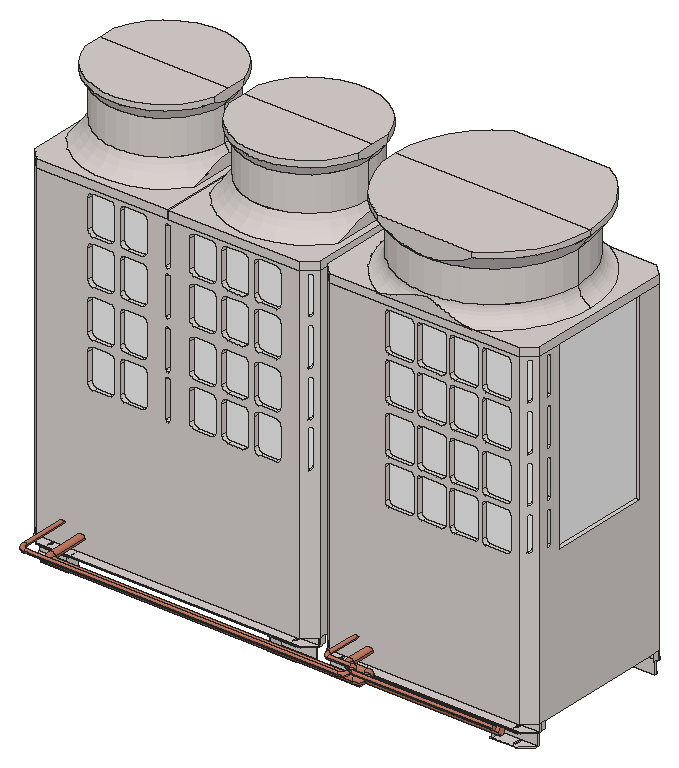
Revit family "PUHY-P650YSNW-A1", category 機械設備, Revit 2016
Family settings
  パーツ タイプ = 標準
  丸型コネクタ寸法 = 半径を使用
  OmniClass 番号 = 23.75.00.00
  OmniClass タイトル = Climate Control (HVAC)
  作業面に基づく = いいえ
  常に垂直 = はい
  ロード時にボイドで切り取り = いいえ
  共有 = いいえ
  部屋の計算ポイント = いいえ
Parameters (values of type "PUHY-P650YSNW-A1_415V_60Hz")
  モデル = "PUHY-P650YSNW-A1"
  Width = 2190.000 mm
  WarrantyStart = ""
  Voltage = 415 V
  Unit Weight (kg) = 490
  URL = "http://www.mitsubishielectric.com/"
  Temp. range of heating (Outdoor temp.) (W.B.) = "-20.0 to 15.5"
  Temp. range of heating (Indoor temp.) (D.B.) = "15.0 to 27.0"
  Temp. range of cooling (Outdoor temp.) (D.B.) = "-5.0 to 52.0"
  Temp. range of cooling (Indoor temp.) (W.B.) = "15.0 to 24.0"
  TagNumber = 0
  Subcategory = "HVAC"
  Space View = yes
  Sound Pressure Level (dB(A)) Heating mode = 68
  Sound Pressure Level (dB(A)) Cooling mode = 66.5
  SerialNumber = 0
  ReplacementYear = ""
  Refrigerant type = "R410A"
  Refrigerant Charge (kg) = 16.3
  Protection Devices_Inverter circuit (COMP./FAN) = "Over-current protection"
  Protection Devices_High pressure (MPa) = "High pressure sensor, High pressure switch at 4.15"
  Phase = 3
  製造元 = "Mitsubishi Electric Corporation"
  Outdoor unit 2 Breaker size (A) = 30
  Outdoor unit 2 = PUHY-P250YNW-A1 : PUHY-P250YNW-A1
  Outdoor unit 1 Breaker size (A) = 60
  Outdoor unit 1 = PUHY-P400YNW-A1 : PUHY-P400YNW-A1
  Note_1 = "Refrigerant pipe diameters may change depending on the installation condition. Please refer to the installation manual."
  Maximum Circuit Ampacity (A) = 49.7
  Liquid pipe_radius = 7.940 mm
  InstallationDate = ""
  Indoor Unit Total Capacity = "50 to 130% of outdoor unit capacity"
  Indoor Unit Model/Quantity = "P10 to P250/2 to 50"
  Hertz = 60 Hz
  Height = 1858.000 mm
  Heating SCOP (kW/kW) = 4.04
  Heating Rated Load Ampacity (A) = 31.1
  Heating Power Input (kW) = 20.17
  Heating Power Input (Nominal) (kW) = 16.97
  Heating Current Input (Nominal) (A) = 26.2
  Heating Current Input (A) = 31.1
  Heating Capacity (kW) = 81.5
  Heating Capacity (Nominal) (kW) = 73
  Heating COP (kW/kW) = 4.04
  Heating COP (Nominal) (kW/kW) = 4.3
  Gas pipe_radius = 14.290 mm
  Fan_Type = "Propeller Fan"
  Fan_Quantity = 3
  Fan Motor Output (kW) = 1.84
  External static pressure (Pa) = 0
  External Finish = "Pre-coated galvanized steel sheets (+powder coating for -BS type) <MUNSELL 3Y 7.8/1.1 or similar>"
  Equip_description = ""
  Equip_No. = 0
  Equip_ID = ""
  Description = ""
  Depth = 740.000 mm
  CreatedOn = ""
  CreatedBy = ""
  Cooling SEER (kW/kW) = 6.5
  Cooling Rated Load Ampacity (A) = 33.6
  Cooling Power Input (kW) = 21.79
  Cooling EER (kW/kW) = 3.35
  Cooling Current Input (A) = 33.6
  Cooling Capacity (kW) = 73
  Compressor_Type = "Inverter scroll hermetic compressor"
  Compressor_Quantity = 2
  Compressor_Lubricant = "MEL32"
  Compressor Motor Output (kW) = 16.7
  Category = ""
  Barcode = ""
  AssetIdentifier = ""
  Airflow Rate (m3/min) = 485
  Airflow Rate (m3/h) = 29100
Reference planes
  plane 1 "Center (Front/Back)": y = 0
  plane 2: z = 0
  plane 3: y = 370
  plane 4 "front": y = -370
  plane 5: x = -1255
  plane 6: x = 935
  plane 7: x = 15
  plane 8: x = -15
  plane 9: z = 1858
  plane 10: x = -160
Forms (mm)
  Sweep 1, solid, material "Copper"
    path origin (1017.215, -4.248, 187) x (0, -1, 0) y (1, 0, 0)
      loop
        line (360, -2112.386) -> (570, -2112.386)
        arc (570, -2112.386) -> (591.213, -2103.6) -> (600, -2082.386) r 30
        line (600, -2082.386) -> (600, -725.507)
        arc (600, -725.507) -> (594.142, -711.365) -> (580, -705.507) r 20
        line (580, -705.507) -> (552.385, -705.507)
        arc (552.385, -705.507) -> (538.243, -711.365) -> (532.385, -725.507) r 20
        line (532.385, -725.507) -> (532.385, -821.501)
        arc (532.385, -821.501) -> (526.527, -835.643) -> (512.385, -841.501) r 20
        line (512.385, -841.501) -> (357.385, -841.501)
    profile origin (-1095.172, -469.248, 187) x (1, 0, 0) y (0, 0, 1)
      loop
        circle (0, 0) r 7.94
  Sweep 2, solid, material "Copper"
    path origin (1039.386, -4.248, 155) x (0, -1, 0) y (1, 0, 0)
      loop
        line (360, -2053) -> (525, -2053)
        arc (525, -2053) -> (546.213, -2044.213) -> (555, -2023) r 30
        line (555, -2023) -> (555, -800.253) -> (555, -715.253)
        arc (555, -715.253) -> (549.142, -701.111) -> (535, -695.253) r 20
        line (535, -695.253) -> (510, -695.253)
        arc (510, -695.253) -> (495.858, -701.111) -> (490, -715.253) r 20
        line (490, -715.253) -> (490, -786.253)
        arc (490, -786.253) -> (484.142, -800.395) -> (470, -806.253) r 20
        line (470, -806.253) -> (360, -806.253)
    profile origin (-1013.614, -446.748, 155) x (1, 0, 0) y (0, 0, 1)
      loop
        circle (0, 0) r 14.29
  Sweep 3, solid, material "Copper"
    path origin (934.386, -4.248, 187) x (0, -1, 0) y (1, 0, 0)
      loop
        line (565.96, -620) -> (565.96, 0.614)
    profile origin (624.693, -570.208, 187) x (0, 1, 0) y (0, 0, 1)
      loop
        circle (0, 0) r 7.94
  Sweep 4, solid, material "Copper"
    path origin (934.386, -4.248, 155.027) x (-1, 0, 0) y (0, -1, 0)
      loop
        line (585, 523.84) -> (0, 523.84)
    profile origin (641.886, -528.088, 155.027) x (0, 1, 0) y (0, 0, 1)
      loop
        circle (0, 0) r 14.29
Dimensions and locks
  nested 2 to nested 1 to plane 6 = 30.000 mm, 920.000 mm
  nested 2 to nested 2 = 1240.000 mm
  "Liquid pipe_radius": radius of Sweep 3 sketch curve
  "Gas pipe_radius": radius of Sweep 4 sketch curve
  aligned and locked: level to plane 2
Automatic sketch dimensions
  Sweep 1 sketch curve to plane 4 "front" = 8.366 mm
  Sweep 1 sketch curve to plane 4 "front" = 5.752 mm
  plane 4 "front" to Sweep 1 sketch curve = 146.634 mm
  Sweep 1 sketch curve to Sweep 1 sketch curve = 20.000 mm  (x2)
  plane 4 "front" to Sweep 1 sketch curve = 204.248 mm
  Sweep 1 sketch curve to Sweep 1 sketch curve = 27.615 mm
  Sweep 1 sketch curve to Sweep 1 sketch curve = 30.000 mm
  plane 5 to Sweep 1 sketch curve = 159.828 mm
  Sweep 1 sketch curve to Sweep 1 sketch curve = 95.994 mm
  profile plane to Sweep 1 sketch curve = 0.000 mm
  Sweep 1 sketch curve to profile plane = 0.000 mm
  Sweep 2 sketch curve to plane 4 "front" = 5.752 mm  (x2)
  plane 4 "front" to Sweep 2 sketch curve = 104.248 mm
  Sweep 2 sketch curve to Sweep 2 sketch curve = 20.000 mm  (x3)
  plane 4 "front" to Sweep 2 sketch curve = 159.248 mm
  Sweep 2 sketch curve to Sweep 2 sketch curve = 25.000 mm
  plane 5 to Sweep 2 sketch curve = 241.386 mm
  Sweep 2 sketch curve to Sweep 2 sketch curve = 6.000 mm
  Sweep 2 sketch curve to Sweep 2 sketch curve = 71.000 mm
  profile plane to Sweep 2 sketch curve = 0.000 mm
  Sweep 2 sketch curve to profile plane = 0.000 mm
  Sweep 3 sketch curve to plane 6 = 0.000 mm
  plane 4 "front" to Sweep 3 sketch curve = 200.208 mm
  plane 7 to Sweep 3 sketch curve = 299.386 mm
  Sweep 4 sketch curve to plane 6 = 0.614 mm
  plane 4 "front" to Sweep 4 sketch curve = 158.088 mm
  plane 7 to Sweep 4 sketch curve = 334.386 mm
  Sweep 3 sketch curve to profile plane = 0.000 mm  (x2)
  Sweep 4 sketch curve to profile plane = 0.000 mm  (x2)
  plane 7 to Sweep 1 sketch curve = 160.714 mm
  plane 7 to Sweep 2 sketch curve = 218.134 mm
  radius of Sweep 1 sketch curve = 7.940 mm
  radius of Sweep 2 sketch curve = 14.290 mm
Nested families
  nested 1: "PUHY-P250YNW-A1" at (475, 0, 0), type <- "Outdoor unit 2", type "PUHY-P250YNW-A1"
  nested 2: "PUHY-P400YNW-A1" at (-635, 0, 0), type <- "Outdoor unit 1", type "PUHY-P400YNW-A1"
Connectors
  piping at (934.386, -528.088, 155.027), diameter 28.58, driven by "Gas pipe_radius"
    settings: on Sweep 4, index 1, connector inside diameter 28.58 mm, connector length 0.000 mm, flow factor 0, pipe flow 0.0 L/s, pressure drop 0.0 Pa, fitting loss kfactor 0, connector angle 0.00°, fixture units 0, engagement length 0.000 mm, angle of deflection 0.00°, flow configuration 0, flow direction 0, fitting loss method 0, system type 22, joint type 0, gender type 0, connector reference index -1, connector utility 0, adjustable connector no, is connector primary yes, connector description "Indoor unit-Twinning pipe(Gas)"
  piping at (935, -570.208, 187), diameter 15.88, driven by "Liquid pipe_radius"
    settings: on Sweep 3, index 2, connector inside diameter 15.88 mm, connector length 0.000 mm, flow factor 0, pipe flow 0.0 L/s, pressure drop 0.0 Pa, fitting loss kfactor 0, connector angle 0.00°, fixture units 0, engagement length 0.000 mm, angle of deflection 0.00°, flow configuration 0, flow direction 0, fitting loss method 0, system type 22, joint type 0, gender type 0, connector reference index -1, connector utility 0, adjustable connector no, is connector primary no, connector description "Indoor unit-Twinning pipe(Liquid)"
  electrical at (319, -370, 280), driven by "Phase", driven by "Voltage"
    settings: index 4, voltage 415 V, apparent load 0 VA, apparent load phase1 0 VA, apparent load phase2 0 VA, apparent load phase3 0 VA, power factor 1, load classification "HVAC", number of poles 3, system type 30, power factor state 1, is connector primary yes, connector utility no, sub classification motor no, connector description ""
  electrical at (-633, -370, 280), driven by "Phase", driven by "Voltage"
    settings: index 5, voltage 415 V, apparent load 0 VA, apparent load phase1 0 VA, apparent load phase2 0 VA, apparent load phase3 0 VA, power factor 1, load classification "HVAC", number of poles 3, system type 30, power factor state 1, is connector primary no, connector utility no, sub classification motor no, connector description ""
Definition of nested family "PUHY-P250YNW-A1"
  Parameters
    Model = "PUHY-P200YNW-A"
    URL = "http://www.mitsubishielectric.com/"
    Manufacturer = "Mitsubishi Electric Corporation"
    Liquid pipe_radius = 4.760 mm
    Gas pipe_radius = 11.100 mm
  Reference planes
    plane 1 "Center (Front/Back)": y = 0
    plane 2: z = 0
    plane 3 "Center (Left/Right)": x = 0
    plane 4 "11": through (-415, 370, 1200) normal (0.7071, -0.7071, 0)
    plane 5 "22": through (-415, -370, 1200) normal (-0.7071, -0.7071, 0)
    plane 6 "44": through (460, 325, 1200) normal (-0.7071, -0.7071, 0)
    plane 7 "33": through (460, -325, 1200) normal (0.7071, -0.7071, 0)
    plane 8: z = 754.5
    plane 9: z = 909.5
    plane 10: x = -300
    plane 11: x = -217
    plane 12: y = 370
    plane 13: y = -370
    plane 14: x = -460
    plane 15: x = 460
  Forms (mm)
    Extrusion 1, solid
      sketch origin (0, 0, 113) x (-1, 0, 0) y (0, -1, 0)
        loop
          line (410, -370) -> (460, -320) -> (460, 320) -> (410, 370) -> (-410, 370) -> (-460, 320) -> (-460, -320) -> (-410, -370) -> (410, -370)
      from -18 to 1408
    Extrusion 2, void
      sketch origin (410, -370, 113) x (1, 0, 0) y (0, 0, -1)
        loop
          arc (-55, -1393.5) -> (-40.858, -1387.642) -> (-35, -1373.5) r 20
          line (-35, -1373.5) -> (-35, -1238.676)
          arc (-35, -1238.676) -> (-40.858, -1224.534) -> (-55, -1218.676) r 20
          line (-55, -1218.676) -> (-139.8, -1218.676)
          arc (-139.8, -1218.676) -> (-153.942, -1224.534) -> (-159.8, -1238.676) r 20
          line (-159.8, -1238.676) -> (-159.8, -1373.5)
          arc (-159.8, -1373.5) -> (-153.942, -1387.642) -> (-139.8, -1393.5) r 20
          line (-139.8, -1393.5) -> (-55, -1393.5)
      from 0 to 20
    Extrusion 3, void
      sketch origin (270, -370, 113) x (1, 0, 0) y (0, 0, -1)
        loop
          arc (-55, -1393.5) -> (-40.858, -1387.642) -> (-35, -1373.5) r 20
          line (-35, -1373.5) -> (-35, -1238.676)
          arc (-35, -1238.676) -> (-40.858, -1224.534) -> (-55, -1218.676) r 20
          line (-55, -1218.676) -> (-139.8, -1218.676)
          arc (-139.8, -1218.676) -> (-153.942, -1224.534) -> (-159.8, -1238.676) r 20
          line (-159.8, -1238.676) -> (-159.8, -1373.5)
          arc (-159.8, -1373.5) -> (-153.942, -1387.642) -> (-139.8, -1393.5) r 20
          line (-139.8, -1393.5) -> (-55, -1393.5)
      from 0 to 20
    Extrusion 4, void
      sketch origin (130, -370, 113) x (1, 0, 0) y (0, 0, -1)
        loop
          arc (-55, -1393.5) -> (-40.858, -1387.642) -> (-35, -1373.5) r 20
          line (-35, -1373.5) -> (-35, -1238.676)
          arc (-35, -1238.676) -> (-40.858, -1224.534) -> (-55, -1218.676) r 20
          line (-55, -1218.676) -> (-139.8, -1218.676)
          arc (-139.8, -1218.676) -> (-153.942, -1224.534) -> (-159.8, -1238.676) r 20
          line (-159.8, -1238.676) -> (-159.8, -1373.5)
          arc (-159.8, -1373.5) -> (-153.942, -1387.642) -> (-139.8, -1393.5) r 20
          line (-139.8, -1393.5) -> (-55, -1393.5)
      from 0 to 20
    Extrusion 5, void
      sketch origin (-10, -370, 113) x (1, 0, 0) y (0, 0, -1)
        loop
          arc (-55, -1393.5) -> (-40.858, -1387.642) -> (-35, -1373.5) r 20
          line (-35, -1373.5) -> (-35, -1238.676)
          arc (-35, -1238.676) -> (-40.858, -1224.534) -> (-55, -1218.676) r 20
          line (-55, -1218.676) -> (-139.8, -1218.676)
          arc (-139.8, -1218.676) -> (-153.942, -1224.534) -> (-159.8, -1238.676) r 20
          line (-159.8, -1238.676) -> (-159.8, -1373.5)
          arc (-159.8, -1373.5) -> (-153.942, -1387.642) -> (-139.8, -1393.5) r 20
          line (-139.8, -1393.5) -> (-55, -1393.5)
      from 0 to 20
    Extrusion 6, void
      sketch origin (410, -370, -81) x (1, 0, 0) y (0, 0, -1)
        loop
          arc (-55, -1393.5) -> (-40.858, -1387.642) -> (-35, -1373.5) r 20
          line (-35, -1373.5) -> (-35, -1238.676)
          arc (-35, -1238.676) -> (-40.858, -1224.534) -> (-55, -1218.676) r 20
          line (-55, -1218.676) -> (-139.8, -1218.676)
          arc (-139.8, -1218.676) -> (-153.942, -1224.534) -> (-159.8, -1238.676) r 20
          line (-159.8, -1238.676) -> (-159.8, -1373.5)
          arc (-159.8, -1373.5) -> (-153.942, -1387.642) -> (-139.8, -1393.5) r 20
          line (-139.8, -1393.5) -> (-55, -1393.5)
      from 0 to 20
    Extrusion 7, void
      sketch origin (270, -370, -81) x (1, 0, 0) y (0, 0, -1)
        loop
          arc (-55, -1393.5) -> (-40.858, -1387.642) -> (-35, -1373.5) r 20
          line (-35, -1373.5) -> (-35, -1238.676)
          arc (-35, -1238.676) -> (-40.858, -1224.534) -> (-55, -1218.676) r 20
          line (-55, -1218.676) -> (-139.8, -1218.676)
          arc (-139.8, -1218.676) -> (-153.942, -1224.534) -> (-159.8, -1238.676) r 20
          line (-159.8, -1238.676) -> (-159.8, -1373.5)
          arc (-159.8, -1373.5) -> (-153.942, -1387.642) -> (-139.8, -1393.5) r 20
          line (-139.8, -1393.5) -> (-55, -1393.5)
      from 0 to 20
    Extrusion 8, void
      sketch origin (130, -370, -81) x (1, 0, 0) y (0, 0, -1)
        loop
          arc (-55, -1393.5) -> (-40.858, -1387.642) -> (-35, -1373.5) r 20
          line (-35, -1373.5) -> (-35, -1238.676)
          arc (-35, -1238.676) -> (-40.858, -1224.534) -> (-55, -1218.676) r 20
          line (-55, -1218.676) -> (-139.8, -1218.676)
          arc (-139.8, -1218.676) -> (-153.942, -1224.534) -> (-159.8, -1238.676) r 20
          line (-159.8, -1238.676) -> (-159.8, -1373.5)
          arc (-159.8, -1373.5) -> (-153.942, -1387.642) -> (-139.8, -1393.5) r 20
          line (-139.8, -1393.5) -> (-55, -1393.5)
      from 0 to 20
    Extrusion 9, void
      sketch origin (-10, -370, -81) x (1, 0, 0) y (0, 0, -1)
        loop
          arc (-55, -1393.5) -> (-40.858, -1387.642) -> (-35, -1373.5) r 20
          line (-35, -1373.5) -> (-35, -1238.676)
          arc (-35, -1238.676) -> (-40.858, -1224.534) -> (-55, -1218.676) r 20
          line (-55, -1218.676) -> (-139.8, -1218.676)
          arc (-139.8, -1218.676) -> (-153.942, -1224.534) -> (-159.8, -1238.676) r 20
          line (-159.8, -1238.676) -> (-159.8, -1373.5)
          arc (-159.8, -1373.5) -> (-153.942, -1387.642) -> (-139.8, -1393.5) r 20
          line (-139.8, -1393.5) -> (-55, -1393.5)
      from 0 to 20
    Extrusion 10, void
      sketch origin (410, -370, -287) x (1, 0, 0) y (0, 0, -1)
        loop
          arc (-55, -1393.5) -> (-40.858, -1387.642) -> (-35, -1373.5) r 20
          line (-35, -1373.5) -> (-35, -1238.676)
          arc (-35, -1238.676) -> (-40.858, -1224.534) -> (-55, -1218.676) r 20
          line (-55, -1218.676) -> (-139.8, -1218.676)
          arc (-139.8, -1218.676) -> (-153.942, -1224.534) -> (-159.8, -1238.676) r 20
          line (-159.8, -1238.676) -> (-159.8, -1373.5)
          arc (-159.8, -1373.5) -> (-153.942, -1387.642) -> (-139.8, -1393.5) r 20
          line (-139.8, -1393.5) -> (-55, -1393.5)
      from 0 to 20
    Extrusion 11, void
      sketch origin (270, -370, -287) x (1, 0, 0) y (0, 0, -1)
        loop
          arc (-55, -1393.5) -> (-40.858, -1387.642) -> (-35, -1373.5) r 20
          line (-35, -1373.5) -> (-35, -1238.676)
          arc (-35, -1238.676) -> (-40.858, -1224.534) -> (-55, -1218.676) r 20
          line (-55, -1218.676) -> (-139.8, -1218.676)
          arc (-139.8, -1218.676) -> (-153.942, -1224.534) -> (-159.8, -1238.676) r 20
          line (-159.8, -1238.676) -> (-159.8, -1373.5)
          arc (-159.8, -1373.5) -> (-153.942, -1387.642) -> (-139.8, -1393.5) r 20
          line (-139.8, -1393.5) -> (-55, -1393.5)
      from 0 to 20
    Extrusion 12, void
      sketch origin (130, -370, -287) x (1, 0, 0) y (0, 0, -1)
        loop
          arc (-55, -1393.5) -> (-40.858, -1387.642) -> (-35, -1373.5) r 20
          line (-35, -1373.5) -> (-35, -1238.676)
          arc (-35, -1238.676) -> (-40.858, -1224.534) -> (-55, -1218.676) r 20
          line (-55, -1218.676) -> (-139.8, -1218.676)
          arc (-139.8, -1218.676) -> (-153.942, -1224.534) -> (-159.8, -1238.676) r 20
          line (-159.8, -1238.676) -> (-159.8, -1373.5)
          arc (-159.8, -1373.5) -> (-153.942, -1387.642) -> (-139.8, -1393.5) r 20
          line (-139.8, -1393.5) -> (-55, -1393.5)
      from 0 to 20
    Extrusion 13, void
      sketch origin (-10, -370, -287) x (1, 0, 0) y (0, 0, -1)
        loop
          arc (-55, -1393.5) -> (-40.858, -1387.642) -> (-35, -1373.5) r 20
          line (-35, -1373.5) -> (-35, -1238.676)
          arc (-35, -1238.676) -> (-40.858, -1224.534) -> (-55, -1218.676) r 20
          line (-55, -1218.676) -> (-139.8, -1218.676)
          arc (-139.8, -1218.676) -> (-153.942, -1224.534) -> (-159.8, -1238.676) r 20
          line (-159.8, -1238.676) -> (-159.8, -1373.5)
          arc (-159.8, -1373.5) -> (-153.942, -1387.642) -> (-139.8, -1393.5) r 20
          line (-139.8, -1393.5) -> (-55, -1393.5)
      from 0 to 20
    Extrusion 14, void
      sketch origin (410, -370, -481) x (1, 0, 0) y (0, 0, -1)
        loop
          arc (-55, -1393.5) -> (-40.858, -1387.642) -> (-35, -1373.5) r 20
          line (-35, -1373.5) -> (-35, -1238.676)
          arc (-35, -1238.676) -> (-40.858, -1224.534) -> (-55, -1218.676) r 20
          line (-55, -1218.676) -> (-139.8, -1218.676)
          arc (-139.8, -1218.676) -> (-153.942, -1224.534) -> (-159.8, -1238.676) r 20
          line (-159.8, -1238.676) -> (-159.8, -1373.5)
          arc (-159.8, -1373.5) -> (-153.942, -1387.642) -> (-139.8, -1393.5) r 20
          line (-139.8, -1393.5) -> (-55, -1393.5)
      from 0 to 20
    Extrusion 15, void
      sketch origin (270, -370, -481) x (1, 0, 0) y (0, 0, -1)
        loop
          arc (-55, -1393.5) -> (-40.858, -1387.642) -> (-35, -1373.5) r 20
          line (-35, -1373.5) -> (-35, -1238.676)
          arc (-35, -1238.676) -> (-40.858, -1224.534) -> (-55, -1218.676) r 20
          line (-55, -1218.676) -> (-139.8, -1218.676)
          arc (-139.8, -1218.676) -> (-153.942, -1224.534) -> (-159.8, -1238.676) r 20
          line (-159.8, -1238.676) -> (-159.8, -1373.5)
          arc (-159.8, -1373.5) -> (-153.942, -1387.642) -> (-139.8, -1393.5) r 20
          line (-139.8, -1393.5) -> (-55, -1393.5)
      from 0 to 20
    Extrusion 16, void
      sketch origin (130, -370, -481) x (1, 0, 0) y (0, 0, -1)
        loop
          arc (-55, -1393.5) -> (-40.858, -1387.642) -> (-35, -1373.5) r 20
          line (-35, -1373.5) -> (-35, -1238.676)
          arc (-35, -1238.676) -> (-40.858, -1224.534) -> (-55, -1218.676) r 20
          line (-55, -1218.676) -> (-139.8, -1218.676)
          arc (-139.8, -1218.676) -> (-153.942, -1224.534) -> (-159.8, -1238.676) r 20
          line (-159.8, -1238.676) -> (-159.8, -1373.5)
          arc (-159.8, -1373.5) -> (-153.942, -1387.642) -> (-139.8, -1393.5) r 20
          line (-139.8, -1393.5) -> (-55, -1393.5)
      from 0 to 20
    Extrusion 17, void
      sketch origin (-10, -370, -481) x (1, 0, 0) y (0, 0, -1)
        loop
          arc (-55, -1393.5) -> (-40.858, -1387.642) -> (-35, -1373.5) r 20
          line (-35, -1373.5) -> (-35, -1238.676)
          arc (-35, -1238.676) -> (-40.858, -1224.534) -> (-55, -1218.676) r 20
          line (-55, -1218.676) -> (-139.8, -1218.676)
          arc (-139.8, -1218.676) -> (-153.942, -1224.534) -> (-159.8, -1238.676) r 20
          line (-159.8, -1238.676) -> (-159.8, -1373.5)
          arc (-159.8, -1373.5) -> (-153.942, -1387.642) -> (-139.8, -1393.5) r 20
          line (-139.8, -1393.5) -> (-55, -1393.5)
      from 0 to 20
    Extrusion 18, solid
      sketch origin (0, -189, -3) x (0, 0, -1) y (-1, 0, 0)
        loop
          circle (-179, 217) r 11.1
      from 0 to 150
    Extrusion 19, solid
      sketch origin (0, -172, -3) x (0, 0, -1) y (-1, 0, 0)
        loop
          circle (-179, 300) r 4.76
      from 0 to 150
    Extrusion 20, void
      sketch origin (-460, -320, 113) x (0, -1, 0) y (0, 0, -1)
        loop
          line (-611.5, -1236.511) -> (-611.5, -1386.5)
          arc (-611.5, -1386.5) -> (-601.5, -1396.5) -> (-591.5, -1386.5) r 10
          line (-591.5, -1386.5) -> (-591.5, -1236.511)
          arc (-591.5, -1236.511) -> (-601.5, -1226.511) -> (-611.5, -1236.511) r 10
      from 0 to 20
    Extrusion 21, void
      sketch origin (-460, -320, -87.006) x (0, -1, 0) y (0, 0, -1)
        loop
          line (-611.5, -1236.511) -> (-611.5, -1386.5)
          arc (-611.5, -1386.5) -> (-601.5, -1396.5) -> (-591.5, -1386.5) r 10
          line (-591.5, -1386.5) -> (-591.5, -1236.511)
          arc (-591.5, -1236.511) -> (-601.5, -1226.511) -> (-611.5, -1236.511) r 10
      from 0 to 20
    Extrusion 22, void
      sketch origin (-460, -320, -287.006) x (0, -1, 0) y (0, 0, -1)
        loop
          line (-611.5, -1236.511) -> (-611.5, -1386.5)
          arc (-611.5, -1386.5) -> (-601.5, -1396.5) -> (-591.5, -1386.5) r 10
          line (-591.5, -1386.5) -> (-591.5, -1236.511)
          arc (-591.5, -1236.511) -> (-601.5, -1226.511) -> (-611.5, -1236.511) r 10
      from 0 to 20
    Extrusion 23, void
      sketch origin (-460, -320, -479.506) x (0, -1, 0) y (0, 0, -1)
        loop
          line (-611.5, -1244.006) -> (-611.5, -1379.006)
          arc (-611.5, -1379.006) -> (-601.5, -1389.006) -> (-591.5, -1379.006) r 10
          line (-591.5, -1379.006) -> (-591.5, -1244.006)
          arc (-591.5, -1244.006) -> (-601.5, -1234.006) -> (-611.5, -1244.006) r 10
      from 0 to 20
    Extrusion 24, void
      sketch origin (-460, -320, 113) x (0, -1, 0) y (0, 0, -1)
        loop
          line (-543, -1408) -> (-215, -1408) -> (-215, -632) -> (-543, -632) -> (-543, -1408)
      from 0 to 20
    Extrusion 25, void
      sketch origin (-410, 370, 113) x (0.707107, 0.707107, 0) y (0, 0, 1)
        loop
          line (-27.158, 1236.539) -> (-27.158, 1386.461)
          arc (-27.158, 1386.461) -> (-37.158, 1396.461) -> (-47.158, 1386.461) r 10
          line (-47.158, 1386.461) -> (-47.158, 1236.539)
          arc (-47.158, 1236.539) -> (-37.158, 1226.539) -> (-27.158, 1236.539) r 10
        loop
          line (-27.158, 1036.539) -> (-27.158, 1186.461)
          arc (-27.158, 1186.461) -> (-37.158, 1196.461) -> (-47.158, 1186.461) r 10
          line (-47.158, 1186.461) -> (-47.158, 1036.539)
          arc (-47.158, 1036.539) -> (-37.158, 1026.539) -> (-27.158, 1036.539) r 10
        loop
          line (-27.158, 836.539) -> (-27.158, 986.461)
          arc (-27.158, 986.461) -> (-37.158, 996.461) -> (-47.158, 986.461) r 10
          line (-47.158, 986.461) -> (-47.158, 836.539)
          arc (-47.158, 836.539) -> (-37.158, 826.539) -> (-27.158, 836.539) r 10
        loop
          line (-27.158, 652.5) -> (-27.158, 785.5)
          arc (-27.158, 785.5) -> (-37.158, 795.5) -> (-47.158, 785.5) r 10
          line (-47.158, 785.5) -> (-47.158, 652.5)
          arc (-47.158, 652.5) -> (-37.158, 642.5) -> (-27.158, 652.5) r 10
      from 0 to 20
    Extrusion 26, void
      sketch origin (460, -320, 113) x (0.707107, 0.707107, 0) y (0, 0, -1)
        loop
          arc (-25.5, -1236.423) -> (-35.5, -1226.423) -> (-45.5, -1236.423) r 10
          line (-45.5, -1236.423) -> (-45.5, -1386.487)
          arc (-45.5, -1386.487) -> (-35.5, -1396.487) -> (-25.5, -1386.487) r 10
          line (-25.5, -1386.487) -> (-25.5, -1236.423)
      from 0 to 20
    Extrusion 27, void
      sketch origin (460, -320, -86.884) x (0.707107, 0.707107, 0) y (0, 0, -1)
        loop
          arc (-25.5, -1236.423) -> (-35.5, -1226.423) -> (-45.5, -1236.423) r 10
          line (-45.5, -1236.423) -> (-45.5, -1386.487)
          arc (-45.5, -1386.487) -> (-35.5, -1396.487) -> (-25.5, -1386.487) r 10
          line (-25.5, -1386.487) -> (-25.5, -1236.423)
      from 0 to 20
    Extrusion 28, void
      sketch origin (460, -320, -286.884) x (0.707107, 0.707107, 0) y (0, 0, -1)
        loop
          arc (-25.5, -1236.423) -> (-35.5, -1226.423) -> (-45.5, -1236.423) r 10
          line (-45.5, -1236.423) -> (-45.5, -1386.487)
          arc (-45.5, -1386.487) -> (-35.5, -1396.487) -> (-25.5, -1386.487) r 10
          line (-25.5, -1386.487) -> (-25.5, -1236.423)
      from 0 to 20
    Extrusion 29, void
      sketch origin (460, -320, -487.987) x (0.707107, 0.707107, 0) y (0, 0, -1)
        loop
          arc (-25.5, -1253.487) -> (-35.5, -1243.487) -> (-45.5, -1253.487) r 10
          line (-45.5, -1253.487) -> (-45.5, -1386.487)
          arc (-45.5, -1386.487) -> (-35.5, -1396.487) -> (-25.5, -1386.487) r 10
          line (-25.5, -1386.487) -> (-25.5, -1253.487)
      from 0 to 20
    Extrusion 30, void
      sketch origin (460, 320, 113) x (0, 1, 0) y (0, 0, -1)
        loop
          line (-604, -1236.423) -> (-604, -1386.487)
          arc (-604, -1386.487) -> (-594, -1396.487) -> (-584, -1386.487) r 10
          line (-584, -1386.487) -> (-584, -1236.423)
          arc (-584, -1236.423) -> (-594, -1226.423) -> (-604, -1236.423) r 10
        loop
          line (-604, -1036.539) -> (-604, -1186.603)
          arc (-604, -1186.603) -> (-594, -1196.603) -> (-584, -1186.603) r 10
          line (-584, -1186.603) -> (-584, -1036.539)
          arc (-584, -1036.539) -> (-594, -1026.539) -> (-604, -1036.539) r 10
        loop
          line (-604, -836.539) -> (-604, -986.603)
          arc (-604, -986.603) -> (-594, -996.603) -> (-584, -986.603) r 10
          line (-584, -986.603) -> (-584, -836.539)
          arc (-584, -836.539) -> (-594, -826.539) -> (-604, -836.539) r 10
        loop
          line (-604, -652.5) -> (-604, -785.5)
          arc (-604, -785.5) -> (-594, -795.5) -> (-584, -785.5) r 10
          line (-584, -785.5) -> (-584, -652.5)
          arc (-584, -652.5) -> (-594, -642.5) -> (-604, -652.5) r 10
      from 0 to 20
    Extrusion 31, void
      sketch origin (460, 320, 113) x (0, 1, 0) y (0, 0, -1)
        loop
          line (-542, -1408) -> (-100, -1408) -> (-100, -611.5) -> (-542, -611.5) -> (-542, -1408)
      from 0 to 20
    Extrusion 32, void
      sketch origin (-410, 370, 113) x (-1, 0, 0) y (0, 0, -1)
        loop
          line (-718, -1408) -> (-47, -1408) -> (-47, -613) -> (-718, -613) -> (-718, -1408)
      from 0 to 20
  Cuts and joins
    Extrusion 2, Extrusion 3, Extrusion 4, Extrusion 5, Extrusion 6, Extrusion 7, Extrusion 8, Extrusion 9, Extrusion 10, Extrusion 11, Extrusion 12, Extrusion 13, Extrusion 14, Extrusion 15, Extrusion 16, Extrusion 17, Extrusion 20, Extrusion 21, Extrusion 22, Extrusion 23, Extrusion 24, Extrusion 25, Extrusion 26, Extrusion 27, Extrusion 28, Extrusion 29, Extrusion 30, Extrusion 31, Extrusion 32 cuts Extrusion 1
  Lines and regions (mm)
    model lines
      curve 1: line (-390, -370, 716) -> (390, -370, 716)
      curve 2: line (-390, -370, 1521) -> (-390, -370, 95)
      curve 3: line (390, -370, 1521) -> (390, -370, 95)
      curve 4: line (-172, -370, 95) -> (-172, -370, 207.5)
      curve 5: line (390, -370, 224.5) -> (199, -370, 224.5)
      curve 6: line (172, -370, 197.5) -> (172, -370, 95)
      curve 7: arc (-189, -370, 224.5) -> (-176.979, -370, 219.521) -> (-172, -370, 207.5) r 17
      curve 8: arc (199, -370, 224.5) -> (179.908, -370, 216.592) -> (172, -370, 197.5) r 27
      curve 9: line (-192, -291, 95) -> (-322, -291, 95)
      curve 10: line (-182, -207, 95) -> (-182, -281, 95)
      curve 11: line (-322, -197, 95) -> (-192, -197, 95)
      curve 12: line (-332, -281, 95) -> (-332, -207, 95)
      curve 13: arc (-332, -281, 95) -> (-329.071, -288.071, 95) -> (-322, -291, 95) r 10
      curve 14: arc (-192, -291, 95) -> (-184.929, -288.071, 95) -> (-182, -281, 95) r 10
      curve 15: arc (-182, -207, 95) -> (-184.929, -199.929, 95) -> (-192, -197, 95) r 10
      curve 16: arc (-322, -197, 95) -> (-329.071, -199.929, 95) -> (-332, -207, 95) r 10
      curve 25: line (-219, -370, 1521) -> (-219, -370, 716)
      curve 26: line (-189, -370, 224.5) -> (-390, -370, 224.5)
      curve 27: circle (308, -185, 95) r 26 normal (0, 0, 1)
      curve 28: circle (288, -260, 95) r 32.5 normal (0, 0, 1)
      curve 29: circle (244, -204, 95) r 17 normal (0, 0, 1)
      curve 30: line (-460, 243, 1521) -> (-460, 243, 95)
      curve 32: line (-460, 243, 705) -> (-460, -155, 705)
      curve 33: line (-460, -155, 95) -> (-460, -155, 1521)
      curve 34: line (-460, 223, 1521) -> (-460, 223, 705)
      curve 35: line (-460, -105, 1521) -> (-460, -105, 705)
      curve 36: line (-460, -95.983, 267.745) -> (-460, 184, 267.745)
      curve 37: line (-460, 184, 247.745) -> (-460, -95.983, 247.745)
      curve 38: arc (-460, -95.983, 247.745) -> (-460, -105.983, 257.745) -> (-460, -95.983, 267.745) r 10
      curve 39: arc (-460, 184, 267.745) -> (-460, 194, 257.745) -> (-460, 184, 247.745) r 10
      curve 40: line (-460, -95.983, 372.745) -> (-460, 184, 372.745)
      curve 41: line (-460, 184, 352.745) -> (-460, -95.983, 352.745)
      curve 42: arc (-460, -95.983, 352.745) -> (-460, -105.983, 362.745) -> (-460, -95.983, 372.745) r 10
      curve 43: arc (-460, 184, 372.745) -> (-460, 194, 362.745) -> (-460, 184, 352.745) r 10
      curve 44: line (-460, -95.983, 477.745) -> (-460, 184, 477.745)
      curve 45: line (-460, 184, 457.745) -> (-460, -95.983, 457.745)
      curve 46: arc (-460, -95.983, 457.745) -> (-460, -105.983, 467.745) -> (-460, -95.983, 477.745) r 10
      curve 47: arc (-460, 184, 477.745) -> (-460, 194, 467.745) -> (-460, 184, 457.745) r 10
      curve 48: line (-460, -95.983, 582.745) -> (-460, 184, 582.745)
      curve 49: line (-460, 184, 562.745) -> (-460, -95.983, 562.745)
      curve 50: arc (-460, -95.983, 562.745) -> (-460, -105.983, 572.745) -> (-460, -95.983, 582.745) r 10
      curve 51: arc (-460, 184, 582.745) -> (-460, 194, 572.745) -> (-460, 184, 562.745) r 10
      curve 52: line (-110, -370, 269) -> (110, -370, 269)
      curve 53: line (110, -370, 249) -> (-110, -370, 249)
      curve 54: arc (-120, -370, 259) -> (-117.071, -370, 266.071) -> (-110, -370, 269) r 10
      curve 55: arc (-110, -370, 249) -> (-117.071, -370, 251.929) -> (-120, -370, 259) r 10
      curve 56: arc (110, -370, 269) -> (117.071, -370, 266.071) -> (120, -370, 259) r 10
      curve 57: arc (120, -370, 259) -> (117.071, -370, 251.929) -> (110, -370, 249) r 10
      curve 58: line (-222.5, -370, 584) -> (222.5, -370, 584)
      curve 59: line (222.5, -370, 564) -> (-222.5, -370, 564)
      curve 60: arc (-222.5, -370, 584) -> (-229.571, -370, 581.071) -> (-232.5, -370, 574) r 10
      curve 61: arc (222.5, -370, 584) -> (229.571, -370, 581.071) -> (232.5, -370, 574) r 10
      curve 62: arc (232.5, -370, 574) -> (229.571, -370, 566.929) -> (222.5, -370, 564) r 10
      curve 63: arc (-222.5, -370, 564) -> (-229.571, -370, 566.929) -> (-232.5, -370, 574) r 10
      curve 64: line (-222.5, -370, 479) -> (222.5, -370, 479)
      curve 65: line (222.5, -370, 459) -> (-222.5, -370, 459)
      curve 66: arc (-222.5, -370, 479) -> (-229.571, -370, 476.071) -> (-232.5, -370, 469) r 10
      curve 67: arc (222.5, -370, 479) -> (229.571, -370, 476.071) -> (232.5, -370, 469) r 10
      curve 68: arc (232.5, -370, 469) -> (229.571, -370, 461.929) -> (222.5, -370, 459) r 10
      curve 69: arc (-222.5, -370, 459) -> (-229.571, -370, 461.929) -> (-232.5, -370, 469) r 10
      curve 70: line (-222.5, -370, 374) -> (222.5, -370, 374)
      curve 71: line (222.5, -370, 354) -> (-222.5, -370, 354)
      curve 72: arc (-222.5, -370, 374) -> (-229.571, -370, 371.071) -> (-232.5, -370, 364) r 10
      curve 73: arc (222.5, -370, 374) -> (229.571, -370, 371.071) -> (232.5, -370, 364) r 10
      curve 74: arc (232.5, -370, 364) -> (229.571, -370, 356.929) -> (222.5, -370, 354) r 10
      curve 75: arc (-222.5, -370, 354) -> (-229.571, -370, 356.929) -> (-232.5, -370, 364) r 10
      curve 76: line (460, -237.5, 1521) -> (460, -237.5, 95)
      curve 77: line (460, -237.5, 705) -> (460, 236.5, 705)
      curve 78: line (460, -237.5, 724.5) -> (460, 236.5, 724.5)
      curve 79: line (460, 236.5, 1521) -> (460, 236.5, 95)
      curve 80: line (327.5, 370, 1521) -> (327.5, 370, 95)
      curve 81: line (308, 370, 1521) -> (308, 370, 706)
      curve 82: line (327.5, 370, 706) -> (-382.5, 370, 706)
      curve 83: line (-382.5, 370, 1521) -> (-382.5, 370, 95)
      curve 84: line (-363, 370, 1521) -> (-363, 370, 706)
      curve 85: line (460, -140.491, 267.745) -> (460, 139.491, 267.745)
      curve 86: line (460, 139.491, 247.745) -> (460, -140.491, 247.745)
      curve 87: arc (460, -140.491, 247.745) -> (460, -150.491, 257.745) -> (460, -140.491, 267.745) r 10
      curve 88: arc (460, 139.491, 267.745) -> (460, 149.491, 257.745) -> (460, 139.491, 247.745) r 10
      curve 89: line (460, -140.491, 372.745) -> (460, 139.491, 372.745)
      curve 90: line (460, 139.491, 352.745) -> (460, -140.491, 352.745)
      curve 91: arc (460, -140.491, 352.745) -> (460, -150.491, 362.745) -> (460, -140.491, 372.745) r 10
      curve 92: arc (460, 139.491, 372.745) -> (460, 149.491, 362.745) -> (460, 139.491, 352.745) r 10
      curve 93: line (460, -140.491, 477.745) -> (460, 139.491, 477.745)
      curve 94: line (460, 139.491, 457.745) -> (460, -140.491, 457.745)
      curve 95: arc (460, -140.491, 457.745) -> (460, -150.491, 467.745) -> (460, -140.491, 477.745) r 10
      curve 96: arc (460, 139.491, 477.745) -> (460, 149.491, 467.745) -> (460, 139.491, 457.745) r 10
      curve 97: line (460, -140.491, 582.745) -> (460, 139.491, 582.745)
      curve 98: line (460, 139.491, 562.745) -> (460, -140.491, 562.745)
      curve 99: arc (460, -140.491, 562.745) -> (460, -150.491, 572.745) -> (460, -140.491, 582.745) r 10
      curve 100: arc (460, 139.491, 582.745) -> (460, 149.491, 572.745) -> (460, 139.491, 562.745) r 10
      curve 101: line (-222.5, 370, 584) -> (222.5, 370, 584)
      curve 102: line (222.5, 370, 564) -> (-222.5, 370, 564)
      curve 103: arc (-222.5, 370, 584) -> (-229.571, 370, 581.071) -> (-232.5, 370, 574) r 10
      curve 104: arc (222.5, 370, 584) -> (229.571, 370, 581.071) -> (232.5, 370, 574) r 10
      curve 105: arc (232.5, 370, 574) -> (229.571, 370, 566.929) -> (222.5, 370, 564) r 10
      curve 106: arc (-222.5, 370, 564) -> (-229.571, 370, 566.929) -> (-232.5, 370, 574) r 10
      curve 107: line (-222.5, 370, 479) -> (222.5, 370, 479)
      curve 108: line (222.5, 370, 459) -> (-222.5, 370, 459)
      curve 109: arc (-222.5, 370, 479) -> (-229.571, 370, 476.071) -> (-232.5, 370, 469) r 10
      curve 110: arc (222.5, 370, 479) -> (229.571, 370, 476.071) -> (232.5, 370, 469) r 10
      curve 111: arc (232.5, 370, 469) -> (229.571, 370, 461.929) -> (222.5, 370, 459) r 10
      curve 112: arc (-222.5, 370, 459) -> (-229.571, 370, 461.929) -> (-232.5, 370, 469) r 10
      curve 113: line (-222.5, 370, 374) -> (222.5, 370, 374)
      curve 114: line (222.5, 370, 354) -> (-222.5, 370, 354)
      curve 115: arc (-222.5, 370, 374) -> (-229.571, 370, 371.071) -> (-232.5, 370, 364) r 10
      curve 116: arc (222.5, 370, 374) -> (229.571, 370, 371.071) -> (232.5, 370, 364) r 10
      curve 117: arc (232.5, 370, 364) -> (229.571, 370, 356.929) -> (222.5, 370, 354) r 10
      curve 118: arc (-222.5, 370, 354) -> (-229.571, 370, 356.929) -> (-232.5, 370, 364) r 10
      curve 119: line (-222.5, 370, 269) -> (222.5, 370, 269)
      curve 120: line (222.5, 370, 249) -> (-222.5, 370, 249)
      curve 121: arc (-222.5, 370, 269) -> (-229.571, 370, 266.071) -> (-232.5, 370, 259) r 10
      curve 122: arc (222.5, 370, 269) -> (229.571, 370, 266.071) -> (232.5, 370, 259) r 10
      curve 123: arc (232.5, 370, 259) -> (229.571, 370, 251.929) -> (222.5, 370, 249) r 10
      curve 124: arc (-222.5, 370, 249) -> (-229.571, 370, 251.929) -> (-232.5, 370, 259) r 10
      curve 125: line (-325, -370, 131) -> (-197, -370, 131)
      curve 126: line (-335, -370, 205) -> (-335, -370, 141)
      curve 127: line (-197, -370, 215) -> (-325, -370, 215)
      curve 128: line (-187, -370, 141) -> (-187, -370, 205)
      curve 129: arc (-335, -370, 205) -> (-332.071, -370, 212.071) -> (-325, -370, 215) r 10
      curve 130: arc (-197, -370, 215) -> (-189.929, -370, 212.071) -> (-187, -370, 205) r 10
      curve 131: arc (-335, -370, 141) -> (-332.071, -370, 133.929) -> (-325, -370, 131) r 10
      curve 132: arc (-197, -370, 131) -> (-189.929, -370, 133.929) -> (-187, -370, 141) r 10
      curve 133: circle (328, -370, 170) r 20 normal (0, -1, 0)
      curve 134: circle (328, -370, 170) r 32.5 normal (0, -1, 0)
      curve 135: circle (253, -370, 185) r 13.5 normal (0, -1, 0)
      curve 136: circle (253, -370, 185) r 26 normal (0, -1, 0)
      curve 137: circle (204, -370, 150) r 17 normal (0, -1, 0)
    model lines, not visible
      curve 17: line (487.5, -370, 703) -> (492.5, -370, 703)
      curve 18: line (477.5, -370, 363) -> (477.5, -370, 693)
      curve 19: line (492.5, -370, 353) -> (487.5, -370, 353)
      curve 20: line (502.5, -370, 693) -> (502.5, -370, 363)
      curve 21: arc (487.5, -370, 703) -> (480.429, -370, 700.071) -> (477.5, -370, 693) r 10
      curve 22: arc (492.5, -370, 703) -> (499.571, -370, 700.071) -> (502.5, -370, 693) r 10
      curve 23: arc (502.5, -370, 363) -> (499.571, -370, 355.929) -> (492.5, -370, 353) r 10
      curve 24: arc (477.5, -370, 363) -> (480.429, -370, 355.929) -> (487.5, -370, 353) r 10
    reference lines
      curve 31: line (-410, 370, 0) -> (-460, 320, 0)
  Dimensions and locks
    nested 1 to level = 1858.000 mm
    nested 1 to nested 1 = 303.000 mm
    nested 5 to nested 5 = 60.000 mm
    nested 1 to nested 2 = 1495.000 mm
    Extrusion 1 to Extrusion 1 = 920.000 mm
    Extrusion 2 sketch curve to Extrusion 2 sketch curve = 174.824 mm
    Extrusion 3 sketch curve to Extrusion 3 sketch curve = 174.824 mm
    equal spacing: group 5, group 4, group 3, group 2
    equal spacing: group 2, group 3, group 4, group 5  (x2)
    Extrusion 4 sketch curve to Extrusion 4 sketch curve = 174.824 mm
    Extrusion 5 sketch curve to Extrusion 5 sketch curve = 174.824 mm
    Extrusion 6 sketch curve to Extrusion 6 sketch curve = 174.824 mm
    Extrusion 7 sketch curve to Extrusion 7 sketch curve = 174.824 mm
    Extrusion 8 sketch curve to Extrusion 8 sketch curve = 174.824 mm
    Extrusion 9 sketch curve to Extrusion 9 sketch curve = 174.824 mm
    Extrusion 10 sketch curve to Extrusion 10 sketch curve = 174.824 mm
    Extrusion 11 sketch curve to Extrusion 11 sketch curve = 174.824 mm
    Extrusion 12 sketch curve to Extrusion 12 sketch curve = 174.824 mm
    Extrusion 13 sketch curve to Extrusion 13 sketch curve = 174.824 mm
    Extrusion 14 sketch curve to Extrusion 14 sketch curve = 174.824 mm
    Extrusion 15 sketch curve to Extrusion 15 sketch curve = 174.824 mm
    Extrusion 16 sketch curve to Extrusion 16 sketch curve = 174.824 mm
    Extrusion 17 sketch curve to Extrusion 17 sketch curve = 174.824 mm
    cut or joined group 1 (Extrusion 1, Extrusion 2, Extrusion 3, Extrusion 4, Extrusion 5, Extrusion 6, Extrusion 7, Extrusion 8, Extrusion 9, Extrusion 10, Extrusion 11, Extrusion 12, Extrusion 13, Extrusion 14, Extrusion 15, Extrusion 16, Extrusion 17, Extrusion 20, Extrusion 21, Extrusion 22, Extrusion 23, Extrusion 24, Extrusion 25, Extrusion 26, Extrusion 27, Extrusion 28, Extrusion 29, Extrusion 30, Extrusion 31, Extrusion 32) to cut or joined group 1 = 820.000 mm
    cut or joined group 1 to cut or joined group 1 = 920.000 mm
    cut or joined group 1 to cut or joined group 1 = 740.000 mm
    nested 5 to cut or joined group 1 = 80.000 mm
    cut or joined group 1 to nested 4 to nested 5 = 80.000 mm, 760.000 mm
    cut or joined group 1 to nested 2 = 29.500 mm
    cut or joined group 1 to nested 3 to nested 2 = 29.500 mm, 681.000 mm
    cut or joined group 1 to cut or joined group 1 = 35.000 mm
    plane 6 "44" to cut or joined group 1 = 3.536 mm
    Extrusion 25 sketch curve to Extrusion 25 sketch curve = 20.000 mm
    cut or joined group 1 to cut or joined group 1 = 50.000 mm
    locked: Extrusion 19 to nested 2 at 116
    curve 137 to nested 2 = 90.000 mm
    curve 135 to nested 2 = 125.000 mm
    curve 133 to nested 2 = 110.000 mm
    cut or joined group 1 to curve 133 = 132.000 mm
    cut or joined group 1 to curve 135 = 207.000 mm
    cut or joined group 1 to curve 137 = 256.000 mm
    cut or joined group 1 to curve 126 to curve 128 = 125.000 mm, 148.000 mm
    curve 127 to curve 125 to nested 2 = 84.000 mm, 71.000 mm
    cut or joined group 1 to Extrusion 19 = 198.000 mm
    cut or joined group 1 to Extrusion 18 = 181.000 mm
    cut or joined group 1 to curve 29 = 166.000 mm
    cut or joined group 1 to curve 27 = 185.000 mm
    cut or joined group 1 to curve 28 = 110.000 mm
    curve 27 to cut or joined group 1 = 152.000 mm
    curve 28 to cut or joined group 1 = 172.000 mm
    curve 29 to cut or joined group 1 = 216.000 mm
    cut or joined group 1 to curve 9 to curve 11 = 79.000 mm, 94.000 mm
    cut or joined group 1 to curve 12 to curve 10 = 128.000 mm, 150.000 mm
    cut or joined group 1 to plane 10 = 160.000 mm
    cut or joined group 1 to plane 11 = 243.000 mm
    nested 4 to nested 4 = 60.000 mm
    cut or joined group 1 to nested 2 = 32.000 mm
    nested 4 to nested 4 = 56.000 mm
    nested 2 to nested 2 to nested 2 = 20.000 mm, 54.000 mm
    nested 3 to nested 2 = 592.000 mm
    nested 3 to nested 3 = 20.000 mm
    aligned and locked: level to plane 2
    aligned and locked: nested 2 to nested 4
    aligned and locked: nested 2 to nested 5
  Nested families
    nested 1: "FAN GUARD" at (0, 0, 861), type "FAN GUARD"
      with WIDTH 920.000 mm
    nested 2: "BASE LEG" at (0, -352, 60), type "BASE LEG"
      with Width 920.000 mm
    nested 3: "BASE LEG" at (0, 352, 60), type "BASE LEG"
      with Width 920.000 mm
    nested 4: "ATTACHMENT LEG" at (-374, -349, 0), type "ATTACHMENT LEG"
    nested 5: "ATTACHMENT LEG" at (374, -349, 0) x (-1, 0, 0) z (0, 0, 1), type "ATTACHMENT LEG"
    nested 6: "ATTACHMENT LEG" at (-374, 349, 0), type "ATTACHMENT LEG"
